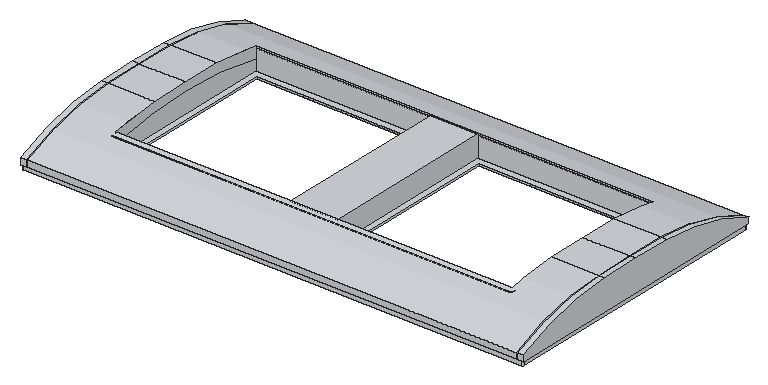
Revit family "Gira_0212726", category Electrical Fixtures, host Face, Revit 2017
Family settings
  Host = Face
  Maintain Annotation Orientation = No
  Round Connector Dimension = Use Diameter
  Part Type = Normal
  Cut with Voids When Loaded = No
  Shared = No
  Room Calculation Point = No
Parameters (values of type "Abdeckrahmen 2f Zwischenr. F Alu Gira Event Klar Weiß")
  Werkstoffgüte = "Thermoplast"
  Werkstoff = "Kunststoff"
  URL = "http://katalog.gira.de/de_DE/datenblatt.html?artikelnr=0212726"
  Transparent = "No"
  Textfeld/Beschriftungsfläche = "No"
  Schutzart (IP) = "IP20"
  Region = "DE"
  Oberfläche = "sonstige"
  Name = "Abdeckrahmen 2f Zwischenr. F Alu Gira Event Klar Weiß"
  Montagerichtung = "horizontal und vertikal"
  Mit Montagerahmen = "No"
  Mit Klappdeckel = "No"
  Manufacturer URL = "https://www.gira.de/"
  Keynote = "Event_Rahmen_2fach"
  HeinzeBIM = "https://bimportal.heinze.de/bim/abdeckrahmen-2f-zwischenr-f-alu-gira-event-klar-weiss/be1216f9bbc425048b3f52ba54d3c2b3f2b22bce"
  Halogenfrei = "Yes"
  HAN = "0212726"
  Geeignet für Unterputz-Installation = "Yes"
  Geeignet für Unterflurkanaldose = "No"
  Geeignet für Geräteeinbaukanal = "No"
  Geeignet für Einbauinstallation = "No"
  GTIN = "4010337068716"
  Farbe = "weiß"
  Default Elevation = 1219.2 mm
  Data sheet (1) = "https://katalog.gira.de/de_DE/download.html?artikelnr=0212726"
  Category = "Abdeckrahmen"
  Befestigungsart = "Klemmbefestigung"
  Available = "Yes"
  Anzahl der Einheiten vertikal = "2 "
  Anzahl der Einheiten horizontal = "2 "
  Anzahl der Einheiten = "2 "
Reference planes
  plane 1 "Center (Front/Back)": y = 0
  plane 2: z = 0
  plane 3 "Center (Left/Right)": x = 0
Forms (mm)
  Extrusion 1, solid, detail levels fine
    sketch origin (0, 0, 0.05) x (0, 1, 0) y (0, 0, 1)
      loop
        arc (12.445, 9.683) -> (6.223, 9.833) -> (0, 9.85) r 291.636
        arc (0, 9.85) -> (-6.223, 9.833) -> (-12.445, 9.683) r 291.636
        arc (-12.445, 9.683) -> (-29.14, 7.482) -> (-45, 1.823) r 79.728
        line (-45, 1.823) -> (-45, -0.05) -> (-42.086, -0.05)
        arc (-42.086, -0.05) -> (-21.385, 5.559) -> (0, 7.206) r 114.424
        arc (0, 7.206) -> (21.385, 5.559) -> (42.086, -0.05) r 114.424
        line (42.086, -0.05) -> (45, -0.05) -> (45, 1.823)
        arc (45, 1.823) -> (29.14, 7.482) -> (12.445, 9.683) r 79.728
    from -78.55 to 78.55
  Extrusion 2, void, detail levels fine
    sketch origin (0, 0, 0) x (1, 0, 0) y (0, 1, 0)
      loop
        line (-63.55, -27.937) -> (63.55, -27.937) -> (63.55, 28.063) -> (-63.55, 28.063) -> (-63.55, -27.937)
    from 0.724 to 11
  Extrusion 3, solid, detail levels coarse
    sketch origin (0, 0, 0) x (1, 0, 0) y (0, 1, 0)
      loop
        line (-80.55, 45) -> (-80.55, -45) -> (80.55, -45) -> (80.55, 45) -> (-80.55, 45)
    from -1.5 to 9.9
  Extrusion 4, solid, detail levels medium
    sketch origin (0, 0, 0.05) x (0, 1, 0) y (0, 0, 1)
      loop
        arc (12.445, 9.683) -> (6.223, 9.833) -> (0, 9.85) r 291.636
        arc (0, 9.85) -> (-6.223, 9.833) -> (-12.445, 9.683) r 291.636
        arc (-12.445, 9.683) -> (-29.14, 7.482) -> (-45, 1.823) r 79.728
        line (-45, 1.823) -> (-45, -0.05) -> (45, -0.05) -> (45, 1.823)
        arc (45, 1.823) -> (29.14, 7.482) -> (12.445, 9.683) r 79.728
    from -80.55 to 80.55
  Extrusion 5, solid, detail levels fine
    sketch origin (-35.55, 0, -1.5) x (0, 1, 0) y (0, 0, -1)
      loop
        line (45, -3.373) -> (45, -1.5) -> (-45, -1.5) -> (-45, -3.373)
        arc (-45, -3.373) -> (-29.14, -9.032) -> (-12.445, -11.233) r 79.728
        arc (-12.445, -11.233) -> (-6.223, -11.383) -> (0, -11.4) r 291.636
        arc (0, -11.4) -> (6.223, -11.383) -> (12.445, -11.233) r 291.636
        arc (12.445, -11.233) -> (29.14, -9.032) -> (45, -3.373) r 79.728
    from 43 to 45
  Extrusion 6, solid, detail levels fine
    sketch origin (0, 0, 0) x (1, 0, 0) y (0, 1, 0)
      loop
        line (-61.45, 25.7) -> (-61.45, -25.7) -> (-9.65, -25.7) -> (-9.65, 25.7) -> (-61.45, 25.7)
      loop
        line (61.45, -25.7) -> (61.45, 25.7) -> (9.65, 25.7) -> (9.65, -25.7) -> (61.45, -25.7)
      loop
        line (-64.445, 28.49) -> (-64.445, -28.495)
        spline (-64.445, -28.495) -> (-64.436, -28.625) -> (-64.411, -28.754) -> (-64.369, -28.878) -> (-64.311, -28.995) -> (-64.238, -29.104) -> (-64.152, -29.202) -> (-64.054, -29.288) -> (-63.945, -29.361) -> (-63.828, -29.419) -> (-63.704, -29.461) -> (-63.575, -29.486) -> (-63.445, -29.495)
        line (-63.445, -29.495) -> (63.445, -29.495)
        spline (63.445, -29.495) -> (63.575, -29.486) -> (63.704, -29.461) -> (63.828, -29.419) -> (63.945, -29.361) -> (64.054, -29.288) -> (64.152, -29.202) -> (64.238, -29.104) -> (64.311, -28.995) -> (64.369, -28.878) -> (64.411, -28.754) -> (64.436, -28.625) -> (64.445, -28.495)
        line (64.445, -28.495) -> (64.445, 28.49)
        spline (64.445, 28.49) -> (64.436, 28.62) -> (64.411, 28.748) -> (64.369, 28.872) -> (64.311, 28.99) -> (64.238, 29.098) -> (64.152, 29.197) -> (64.054, 29.283) -> (63.945, 29.356) -> (63.828, 29.413) -> (63.704, 29.456) -> (63.575, 29.481) -> (63.445, 29.49)
        line (63.445, 29.49) -> (-63.445, 29.49)
        spline (-63.445, 29.49) -> (-63.575, 29.481) -> (-63.704, 29.456) -> (-63.828, 29.413) -> (-63.945, 29.356) -> (-64.054, 29.283) -> (-64.152, 29.197) -> (-64.238, 29.098) -> (-64.311, 28.99) -> (-64.369, 28.872) -> (-64.411, 28.748) -> (-64.436, 28.62) -> (-64.445, 28.49)
    from 0.1 to 7.3
  Extrusion 7, solid
    sketch origin (0, 0, 0) x (1, 0, 0) y (0, 1, 0)
      loop
        arc (-80.25, -44.2) -> (-80.104, -44.554) -> (-79.75, -44.7) r 0.5
        line (-79.75, -44.7) -> (79.75, -44.7)
        arc (79.75, -44.7) -> (80.104, -44.554) -> (80.25, -44.2) r 0.5
        line (80.25, -44.2) -> (80.25, 44.2)
        arc (80.25, 44.2) -> (80.104, 44.554) -> (79.75, 44.7) r 0.5
        line (79.75, 44.7) -> (-79.75, 44.7)
        arc (-79.75, 44.7) -> (-80.104, 44.554) -> (-80.25, 44.2) r 0.5
        line (-80.25, 44.2) -> (-80.25, -44.2)
      loop
        line (-78.55, 43) -> (-78.55, -43) -> (78.55, -43) -> (78.55, 43) -> (-78.55, 43)
    from -1.5 to 0.5
  Extrusion 8, solid, detail levels fine
    sketch origin (35.55, 0, -1.5) x (0, 1, 0) y (0, 0, 1)
      loop
        arc (45, 3.373) -> (29.14, 9.032) -> (12.445, 11.233) r 79.728
        arc (12.445, 11.233) -> (6.223, 11.383) -> (0, 11.4) r 291.636
        arc (0, 11.4) -> (-6.223, 11.383) -> (-12.445, 11.233) r 291.636
        arc (-12.445, 11.233) -> (-29.14, 9.032) -> (-45, 3.373) r 79.728
        line (-45, 3.373) -> (-45, 1.5) -> (45, 1.5) -> (45, 3.373)
    from 43 to 45
  Extrusion 9, solid, detail levels medium
    sketch origin (0, 0, 0) x (1, 0, 0) y (0, 1, 0)
      loop
        line (-80.25, -44.7) -> (80.25, -44.7) -> (80.25, 44.7) -> (-80.25, 44.7) -> (-80.25, -44.7)
    from -1.5 to 0.5
  Extrusion 10, solid, detail levels fine
    sketch origin (0, 0, 0) x (1, 0, 0) y (0, 1, 0)
      loop
        line (-7.55, 28.063) -> (-7.55, -27.937) -> (7.55, -27.937) -> (7.55, 28.063) -> (-7.55, 28.063)
    from 0.724 to 7.566
Cuts and joins
  Extrusion 2 cuts Extrusion 1
  Extrusion 2 cuts Extrusion 6
Dimensions and locks
  aligned and locked: plane 2 to host face
  aligned and locked: level to host face
